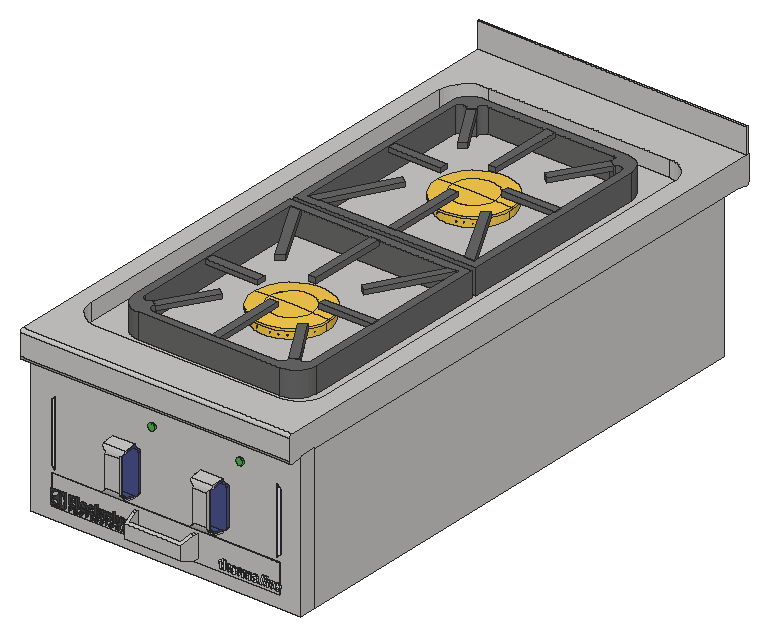
Revit family "QF_ELECTROLUXPROFESSIONAL_593105_MBGCBBDOVI", category Specialty Equipment, Revit 2014 (continued)
Definition of nested family "Therma_One_Burner_Long"
  Forms (mm)
    Extrusion 27, solid, material "QF_Finishes_Castiron"
      sketch origin (0, 0, 0) x (1, 0, 0) y (0, 1, 0)
        loop
          arc (100.018, 130.868) -> (100.866, 139.285) -> (93.686, 143.758) r 8
        loop
          line (-133.948, -162.742) -> (136.052, -162.742) -> (136.052, 125.258)
          arc (136.052, 125.258) -> (127.265, 146.471) -> (106.052, 155.258) r 30
          line (106.052, 155.258) -> (-103.948, 155.258)
          arc (-103.948, 155.258) -> (-125.161, 146.471) -> (-133.948, 125.258) r 30
          line (-133.948, 125.258) -> (-133.948, -162.742)
      from 0 to 36.87
    Extrusion 28, solid, material "QF_Finishes_Castiron"
      sketch origin (0, 0, 0) x (1, 0, 0) y (0, 1, 0)
        loop
          line (-4.698, -35.742) -> (-4.698, -151.019) -> (6.802, -151.019) -> (6.802, -35.742) -> (-4.698, -35.742)
        loop
          line (-4.698, 35.758) -> (6.802, 35.758) -> (6.802, 143.758) -> (-4.698, 143.758) -> (-4.698, 35.758)
        loop
          line (-43.948, -2.992) -> (-43.948, 8.508) -> (-122.541, 8.508) -> (-122.541, -2.992) -> (-43.948, -2.992)
        loop
          line (-55.47, 61.908) -> (-97.913, 130.868) -> (-108.094, 124.558) -> (-64.98, 54.999) -> (-55.47, 61.908)
        loop
          line (-64.98, -49.483) -> (-122.541, -151.019) -> (-107.695, -151.019) -> (-55.47, -56.392) -> (-64.98, -49.483)
        loop
          line (46.052, -2.992) -> (124.645, -2.992) -> (124.645, 8.508) -> (46.052, 8.508) -> (46.052, -2.992)
        loop
          line (57.575, 61.908) -> (67.085, 54.999) -> (110.198, 124.558) -> (100.018, 130.868) -> (57.575, 61.908)
        loop
          line (67.085, -49.483) -> (57.575, -56.392) -> (109.799, -151.019) -> (124.645, -151.019) -> (67.085, -49.483)
      from 30 to 37
    Revolve 29, solid, material "QF_Finished_Brass"
      sketch origin (0, 2.758, -862.45) x (1, 0, 0) y (0, 0, 1)
        loop
          line (-51.221, 862.45) -> (1.052, 862.45) -> (1.052, 879.837) -> (-30.56, 879.837) -> (-53.965, 878.127) -> (-53.965, 875.327) -> (-51.221, 874.643) -> (-51.221, 862.45)
        axis (1.052, 862.45) -> (1.052, 879.837)
      angle from 0 to 360
  Cuts and joins
    Extrusion 1, Extrusion 2, Extrusion 3, Extrusion 4, Extrusion 5, Extrusion 6, Extrusion 7, Extrusion 8, Extrusion 9, Extrusion 10, Extrusion 11, Extrusion 12, Extrusion 13, Extrusion 14, Extrusion 15, Extrusion 16, Extrusion 17, Extrusion 18, Extrusion 19, Extrusion 20, Extrusion 21, Extrusion 22, Extrusion 23, Extrusion 24, Extrusion 25, Extrusion 26 cuts Revolve 29
  Lines and regions (mm)
    symbolic lines
      curve 1: arc (-5.814, 57.328, 0) -> (-38.234, 41.249, 0) -> (-53.646, 8.508, 0) r 55
      curve 2: arc (55.751, 8.508, 0) -> (40.338, 41.249, 0) -> (7.919, 57.328, 0) r 55
      curve 3: arc (7.919, -51.812, 0) -> (40.338, -35.734, 0) -> (55.751, -2.992, 0) r 55
      curve 4: arc (-53.646, -2.992, 0) -> (-38.234, -35.734, 0) -> (-5.814, -51.812, 0) r 55
      curve 5: arc (-103.948, 155.258, 0) -> (-125.161, 146.471, 0) -> (-133.948, 125.258, 0) r 30
      curve 6: line (106.052, 155.258, 0) -> (-103.948, 155.258, 0)
      curve 7: line (-133.948, 125.258, 0) -> (-133.948, -162.742, 0)
      curve 8: line (-122.448, 8.508, 0) -> (-122.448, 120.119, 0)
      curve 9: arc (-122.448, 120.119, 0) -> (-117.602, 127.471, 0) -> (-108.936, 125.917, 0) r 8
      curve 10: line (-108.936, 125.917, 0) -> (-64.98, 54.999, 0)
      curve 11: line (-64.98, 54.999, 0) -> (-55.47, 61.908, 0)
      curve 12: line (-55.47, 61.908, 0) -> (-97.913, 130.868, 0)
      curve 13: line (-91.582, 143.758, 0) -> (-4.698, 143.758, 0)
      curve 14: arc (-97.913, 130.868, 0) -> (-98.762, 139.285, 0) -> (-91.582, 143.758, 0) r 8
      curve 15: line (-4.698, 143.758, 0) -> (-4.698, 35.758, 0)
      curve 16: line (6.802, 35.758, 0) -> (6.802, 143.758, 0)
      curve 17: line (6.802, 143.758, 0) -> (93.686, 143.758, 0)
      curve 18: arc (93.686, 143.758, 0) -> (100.866, 139.285, 0) -> (100.018, 130.868, 0) r 8
      curve 19: line (100.018, 130.868, 0) -> (57.575, 61.908, 0)
      curve 20: line (57.575, 61.908, 0) -> (67.085, 54.999, 0)
      curve 21: line (67.085, 54.999, 0) -> (111.04, 125.917, 0)
      curve 22: arc (111.04, 125.917, 0) -> (119.707, 127.471, 0) -> (124.552, 120.119, 0) r 8
      curve 23: line (124.552, 120.119, 0) -> (124.552, 8.508, 0)
      curve 24: line (124.552, 8.508, 0) -> (46.052, 8.508, 0)
      curve 25: line (46.052, 8.508, 0) -> (46.052, -2.992, 0)
      curve 26: line (46.052, -2.992, 0) -> (124.645, -2.992, 0)
      curve 27: line (67.085, -49.483, 0) -> (57.575, -56.392, 0)
      curve 28: line (124.645, -151.019, 0) -> (67.085, -49.483, 0)
      curve 29: line (57.575, -56.392, 0) -> (109.799, -151.019, 0)
      curve 30: line (109.799, -151.019, 0) -> (6.802, -151.019, 0)
      curve 31: line (124.645, -2.992, 0) -> (124.645, -151.019, 0)
      curve 32: line (6.802, -151.019, 0) -> (6.802, -35.742, 0)
      curve 33: line (-4.698, -35.742, 0) -> (-4.698, -151.019, 0)
      curve 34: line (6.802, -35.742, 0) -> (-4.698, -35.742, 0)
      curve 35: line (-107.695, -151.019, 0) -> (-55.47, -56.392, 0)
      curve 36: line (-55.47, -56.392, 0) -> (-64.98, -49.483, 0)
      curve 37: line (-64.98, -49.483, 0) -> (-122.541, -151.019, 0)
      curve 38: line (-4.698, -151.019, 0) -> (-107.695, -151.019, 0)
      curve 39: line (-122.541, -151.019, 0) -> (-122.541, -2.992, 0)
      curve 40: line (-122.541, -2.992, 0) -> (-43.948, -2.992, 0)
      curve 41: line (-43.948, 8.508, 0) -> (-122.448, 8.508, 0)
      curve 42: line (-43.948, -2.992, 0) -> (-43.948, 8.508, 0)
      curve 43: line (-4.698, 35.758, 0) -> (6.802, 35.758, 0)
      curve 44: arc (136.052, 125.258, 0) -> (127.265, 146.471, 0) -> (106.052, 155.258, 0) r 30
      curve 45: line (136.052, -162.742, 0) -> (136.052, 125.258, 0)
      curve 46: line (-133.948, -162.742, 0) -> (136.052, -162.742, 0)
  Dimensions and locks
    plane 5 to plane 4 = 270 mm
    plane 4 to plane 5 = 270 mm
    equal spacing: plane 4, plane 3 "Center (Left/Right)", plane 5
    plane 9 to plane 8 = 318 mm
  Automatic sketch dimensions
    curve 1 to curve 2 = 0 mm  (x2)
    curve 1 to curve 3 = 0 mm  (x2)
    curve 1 to curve 4 = 0 mm  (x2)
    curve 2 to curve 3 = 0 mm  (x2)
    curve 2 to curve 4 = 0 mm  (x2)
    curve 3 to curve 4 = 0 mm  (x2)
    curve 5 to plane 4 = 0 mm
    plane 8 to curve 6 = 0 mm
    plane 1 "Center (Front/Back)" to curve 2 = 0 mm
    curve 2 to plane 3 "Center (Left/Right)" = 0 mm
    curve 45 to plane 5 = 0 mm
    curve 46 to plane 9 = 0 mm
    plane 4 to curve 39 = 11.407 mm
    curve 41 to plane 1 "Center (Front/Back)" = 5.75 mm
    plane 4 to curve 41 = 11.5 mm
    curve 8 to curve 9 = 8 mm
    curve 9 to curve 10 = 5.512 mm
    curve 37 to curve 38 = 14.846 mm
    curve 10 to curve 5 = 4.988 mm
    plane 8 to curve 12 = 24.39 mm
    curve 5 to curve 12 = 6.034 mm
    curve 12 to curve 13 = 6.332 mm
    curve 10 to plane 3 "Center (Left/Right)" = 66.032 mm
    curve 36 to plane 3 "Center (Left/Right)" = 66.032 mm
    curve 10 to curve 11 = 9.51 mm
    curve 36 to curve 36 = 9.51 mm
    plane 1 "Center (Front/Back)" to curve 40 = 5.75 mm
    curve 40 to plane 3 "Center (Left/Right)" = 45 mm
    curve 38 to plane 3 "Center (Left/Right)" = 5.75 mm
    curve 13 to plane 3 "Center (Left/Right)" = 5.75 mm
    plane 3 "Center (Left/Right)" to curve 32 = 5.75 mm
    plane 3 "Center (Left/Right)" to curve 43 = 5.75 mm
    plane 1 "Center (Front/Back)" to curve 25 = 5.75 mm
    plane 3 "Center (Left/Right)" to curve 25 = 45 mm
    curve 25 to curve 29 = 11.522 mm
    curve 24 to curve 19 = 11.522 mm
    curve 19 to curve 20 = 9.51 mm
    curve 27 to curve 28 = 9.51 mm
    plane 8 to curve 18 = 19.5 mm
    curve 18 to plane 5 = 42.366 mm
    curve 18 to curve 19 = 6.332 mm
    curve 17 to curve 6 = 12.366 mm
    plane 9 to curve 29 = 11.724 mm
    curve 29 to plane 5 = 26.253 mm
    curve 44 to curve 21 = 4.988 mm
    curve 21 to curve 22 = 5.512 mm
    curve 22 to curve 23 = 8 mm
    curve 31 to plane 5 = 11.407 mm
    plane 9 to curve 28 = 11.724 mm
    plane 9 to curve 37 = 11.724 mm
    curve 38 to curve 30 = 0 mm
    curve 29 to curve 3 = 53.4 mm
    curve 35 to curve 4 = 53.4 mm
    curve 27 to curve 28 = 6.909 mm
    curve 35 to curve 37 = 6.909 mm
    plane 1 "Center (Front/Back)" to curve 33 = 38.5 mm
    curve 24 to plane 1 "Center (Front/Back)" = 5.75 mm
    curve 15 to plane 1 "Center (Front/Back)" = 33 mm
    curve 2 to curve 21 = 46.491 mm
    curve 1 to curve 10 = 46.491 mm
    curve 10 to curve 11 = 6.909 mm
    curve 20 to curve 20 = 6.909 mm
    curve 8 to curve 5 = 5.139 mm
    curve 22 to curve 44 = 5.139 mm
    curve 19 to curve 18 = 4.89 mm
    curve 12 to curve 14 = 4.89 mm
    curve 1 to curve 41 = 9.699 mm
    curve 4 to curve 40 = 9.699 mm
    curve 1 to plane 3 "Center (Left/Right)" = 6.867 mm
    curve 4 to plane 3 "Center (Left/Right)" = 6.867 mm
    plane 3 "Center (Left/Right)" to curve 2 = 6.867 mm
    plane 3 "Center (Left/Right)" to curve 3 = 6.867 mm
    curve 25 to curve 3 = 9.699 mm
    curve 24 to curve 2 = 9.699 mm
    level to Extrusion 1 sketch curve = 6.05 mm
    level to Extrusion 2 sketch curve = 6.05 mm
    level to Extrusion 3 sketch curve = 6.05 mm
    level to Extrusion 4 sketch curve = 6.05 mm
    level to Extrusion 5 sketch curve = 6.05 mm
    level to Extrusion 6 sketch curve = 6.05 mm
    level to Extrusion 7 sketch curve = 6.05 mm
    level to Extrusion 8 sketch curve = 6.05 mm
    level to Extrusion 9 sketch curve = 6.05 mm
    level to Extrusion 10 sketch curve = 6.05 mm
    level to Extrusion 11 sketch curve = 6.05 mm
    level to Extrusion 12 sketch curve = 6.05 mm
    level to Extrusion 13 sketch curve = 6.05 mm
    level to Extrusion 14 sketch curve = 6.05 mm
    level to Extrusion 15 sketch curve = 6.05 mm
    level to Extrusion 16 sketch curve = 6.05 mm
    level to Extrusion 17 sketch curve = 6.05 mm
    level to Extrusion 18 sketch curve = 6.05 mm
    level to Extrusion 19 sketch curve = 6.05 mm
    level to Extrusion 20 sketch curve = 6.05 mm
    level to Extrusion 21 sketch curve = 6.05 mm
    level to Extrusion 22 sketch curve = 6.05 mm
    level to Extrusion 23 sketch curve = 6.05 mm
    level to Extrusion 24 sketch curve = 6.05 mm
    level to Extrusion 25 sketch curve = 6.05 mm
    level to Extrusion 26 sketch curve = 6.05 mm
    Extrusion 27 sketch curve to plane 4 = 0 mm
    plane 8 to Extrusion 27 sketch curve = 0 mm
    Extrusion 27 sketch curve to plane 5 = 0 mm
    Extrusion 27 sketch curve to plane 9 = 0 mm
    plane 4 to Extrusion 27 sketch curve = 11.5 mm
    Extrusion 27 sketch curve to Extrusion 27 sketch curve = 8 mm
    Extrusion 27 sketch curve to Extrusion 27 sketch curve = 5.512 mm
    Extrusion 27 sketch curve to Extrusion 27 sketch curve = 0.842 mm  (x2)
    Extrusion 27 sketch curve to Extrusion 27 sketch curve = 4.988 mm
    Extrusion 27 sketch curve to Extrusion 27 sketch curve = 6.034 mm  (x2)
    plane 8 to Extrusion 27 sketch curve = 11.5 mm
    Extrusion 27 sketch curve to Extrusion 27 sketch curve = 6.332 mm  (x2)
    Extrusion 27 sketch curve to plane 5 = 42.366 mm
    Extrusion 27 sketch curve to Extrusion 27 sketch curve = 4.146 mm
    Extrusion 27 sketch curve to Extrusion 27 sketch curve = 6.354 mm
    Extrusion 27 sketch curve to plane 5 = 11.5 mm
    plane 9 to Extrusion 27 sketch curve = 11.724 mm
    Extrusion 27 sketch curve to Extrusion 27 sketch curve = 5.139 mm  (x2)
    Extrusion 27 sketch curve to Extrusion 27 sketch curve = 1.359 mm  (x2)
    plane 4 to Extrusion 28 sketch curve = 11.407 mm  (x2)
    plane 4 to Extrusion 28 sketch curve = 25.854 mm
    Extrusion 28 sketch curve to Extrusion 28 sketch curve = 14.846 mm
    plane 8 to Extrusion 28 sketch curve = 24.39 mm  (x2)
    Extrusion 28 sketch curve to Extrusion 28 sketch curve = 10.18 mm  (x2)
    Extrusion 28 sketch curve to plane 3 "Center (Left/Right)" = 66.032 mm  (x2)
    Extrusion 28 sketch curve to Extrusion 28 sketch curve = 9.51 mm  (x4)
    plane 1 "Center (Front/Back)" to Extrusion 28 sketch curve = 5.75 mm  (x2)
    Extrusion 28 sketch curve to plane 3 "Center (Left/Right)" = 45 mm
    Extrusion 28 sketch curve to plane 3 "Center (Left/Right)" = 5.75 mm  (x2)
    plane 3 "Center (Left/Right)" to Extrusion 28 sketch curve = 5.75 mm  (x2)
    plane 3 "Center (Left/Right)" to Extrusion 28 sketch curve = 45 mm
    Extrusion 28 sketch curve to Extrusion 28 sketch curve = 11.522 mm  (x2)
    Extrusion 28 sketch curve to plane 5 = 36.034 mm
    plane 9 to Extrusion 28 sketch curve = 11.724 mm  (x3)
    Extrusion 28 sketch curve to plane 5 = 26.253 mm
    Extrusion 28 sketch curve to plane 5 = 11.407 mm  (x2)
    Extrusion 28 sketch curve to Extrusion 28 sketch curve = 53.4 mm  (x2)
    Extrusion 28 sketch curve to Extrusion 28 sketch curve = 6.909 mm  (x4)
    plane 1 "Center (Front/Back)" to Extrusion 28 sketch curve = 38.5 mm
    Extrusion 28 sketch curve to plane 1 "Center (Front/Back)" = 5.75 mm  (x2)
    Extrusion 28 sketch curve to plane 1 "Center (Front/Back)" = 33 mm
    Extrusion 28 sketch curve to Extrusion 28 sketch curve = 46.491 mm  (x2)
    plane 8 to Extrusion 28 sketch curve = 11.5 mm
    Revolve 29 sketch curve to plane 5 = 190.017 mm
    Revolve 29 sketch curve to level = 0 mm  (x2)
    Revolve 29 sketch curve to plane 5 = 187.273 mm
    Revolve 29 sketch curve to Revolve 29 sketch curve = 20.661 mm
    Revolve 29 sketch curve to Revolve 29 sketch curve = 31.612 mm
    Revolve 29 sketch curve to Revolve 29 sketch curve = 12.194 mm
    Revolve 29 sketch curve to Revolve 29 sketch curve = 0.684 mm
    Revolve 29 sketch curve to Revolve 29 sketch curve = 2.8 mm
    level to Revolve 29 sketch curve = 17.388 mm
    Revolve 29 sketch curve to Revolve 29 sketch curve = 0 mm
    Revolve 29 sketch curve to Revolve 29 sketch curve = 67.612 mm
    radius of Extrusion 1 sketch curve = 1 mm
    radius of Extrusion 2 sketch curve = 1 mm
    radius of Extrusion 3 sketch curve = 1 mm
    radius of Extrusion 4 sketch curve = 1 mm
    radius of Extrusion 5 sketch curve = 1 mm
    radius of Extrusion 6 sketch curve = 1 mm
    radius of Extrusion 7 sketch curve = 1 mm
    radius of Extrusion 8 sketch curve = 1 mm
    radius of Extrusion 9 sketch curve = 1 mm
    radius of Extrusion 10 sketch curve = 1 mm
    radius of Extrusion 11 sketch curve = 1 mm
    radius of Extrusion 12 sketch curve = 1 mm
    radius of Extrusion 13 sketch curve = 1 mm
    radius of Extrusion 14 sketch curve = 1 mm
    radius of Extrusion 15 sketch curve = 1 mm
    radius of Extrusion 16 sketch curve = 1 mm
    radius of Extrusion 17 sketch curve = 1 mm
    radius of Extrusion 18 sketch curve = 1 mm
    radius of Extrusion 19 sketch curve = 1 mm
    radius of Extrusion 20 sketch curve = 1 mm
    radius of Extrusion 21 sketch curve = 1 mm
    radius of Extrusion 22 sketch curve = 1 mm
    radius of Extrusion 23 sketch curve = 1 mm
    radius of Extrusion 24 sketch curve = 1 mm
    radius of Extrusion 25 sketch curve = 1 mm
    radius of Extrusion 26 sketch curve = 1 mm
